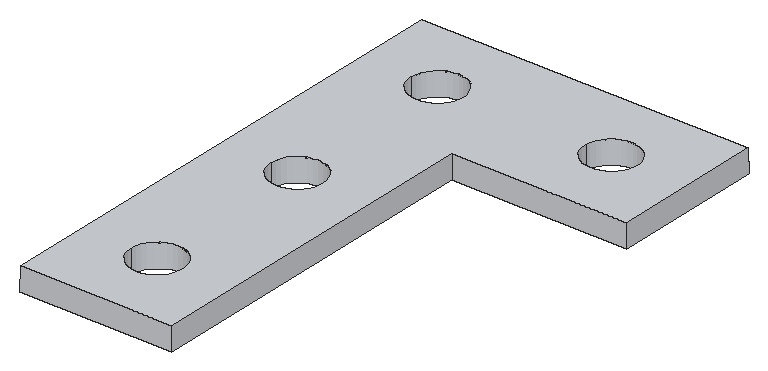
Revit family "Fitting-Flat_Plate-Unistrut-P1380A", category Specialty Equipment, Revit 2012
Parameters (values of type "P1380A")
  ecoScorecard_data = "http://products.ecoscorecard.com/atkore/P1380A"
  ecoScorecard Product Page = "http://products.ecoscorecard.com/atkore/P1380A?action=html"
  Weight Per Piece = 0.80 lbf
  Unit = none
  Unistrut Part Number = "P1380A"  # constant formula
  URL = "http://unistrut.us/index.php"
  Thickness = 0' - 0 1/4"  # constant formula
  Subcategory = "Flat Plate Fittings"  # constant formula
  Product Page URL = "http://unistrut.us/index.php?WP=cat_detail&S=S05&P=P1380A"
  Power Strut Part Number = "PS 719"  # constant formula
  Part Type = "Fitting"  # constant formula
  Overall Width = 0' - 5 3/8"  # constant formula
  Overall Length = 0' - 3 1/2"  # constant formula
  Model = "P1380A"  # constant formula
  Material = ""
  Manufacturer Phone - Toll Free = "800-882-5543"  # constant formula
  Manufacturer Phone = "708-339-1610"  # constant formula
  Manufacturer Fax = "708-339-7814"  # constant formula
  Manufacturer Email = "mailto:jshaw@atkore.com"
  Manufacturer Address = "16100 South Lathrop Avenue, Harvey, IL 60426"  # constant formula
  Manufacturer = "Unistrut by Atkore International"  # constant formula
  Load Capacity Note = "Visit the product page for load application and capacity."  # constant formula
  Literature URL = "http://unistrut.us/index.php?WP=LItLibrary"
  Hole Diameter = 0' - 0 9/16"
  Cost Info = "mailto:jshaw@atkore.com"
  CAD URL = "http://unistrut.us/index.php?WP=CAD3d"
  Assembly Code = "D5020100"
  95 CSI = "16070"  # constant formula
  04 CSI = "26 05 48"  # constant formula
Reference planes (in)
  plane 1 "Center (Front/Back)": y = 0
  plane 2: z = 0
  plane 3 "Center (Left/Right)": x = 0
  plane 4: y = 2.6875
  plane 5: y = -2.6875
  plane 6: x = -1.75
  plane 7: x = 1.75
  plane 8: z = 0.25
  plane 9: x = 0.93339
  plane 10: y = -1.875
  plane 11: y = 1.87704
Dimensions and locks (in)
  equal spacing: plane 6, plane 3 "Center (Left/Right)", plane 7
  "Overall Length": plane 6 to plane 7
  equal spacing: plane 4, plane 1 "Center (Front/Back)", plane 5
  "Overall Width": plane 4 to plane 5
  "Thickness": plane 8 to plane 2
  aligned and locked: level to plane 2
  aligned and locked: plane 3 "Center (Left/Right)" to nested 1
  aligned and locked: plane 1 "Center (Front/Back)" to nested 1
Nested families (in)
  nested 1: "1380A" at (0, 0, 0), type "1380A"
Definition of nested family "1380A"
  Parameters (values of type "P1380 A")
    Width = 0' - 5 3/8"
    Unit = none
    Thickness = 0' - 0 1/4"
    Radiuis = Diameter / 2  # 0' - 0 9/32"
    Length = 0' - 3 1/2"
    Diameter = 0' - 0 9/16"
  Reference planes (in)
    plane 1 "Center (Front/Back)": y = 0
    plane 2: z = 0
    plane 3 "Center (Left/Right)": x = 0
    plane 4: y = 2.6875
    plane 5: y = -2.6875
    plane 6: x = -1.75
    plane 7: x = 1.75
    plane 8: z = 0.25
    plane 9: y = 1.0625
    plane 10: x = -0.125
  Forms (in)
    Extrusion 1, solid, material <- "Unit"
      sketch origin (0, 0, 0) x (1, 0, 0) y (0, 1, 0)
        loop
          line (-1.75, 2.6875) -> (-1.75, -2.6875) -> (-0.125, -2.6875) -> (-0.125, 1.0625) -> (1.75, 1.0625) -> (1.75, 2.6875) -> (-1.75, 2.6875)
        loop
          circle (-0.93339, 1.87704) r 0.28125
        loop
          circle (0.93339, 1.87704) r 0.28125
        loop
          circle (-0.93339, 0) r 0.28125
        loop
          circle (-0.93339, -1.875) r 0.28125
      from 0 to 0.25
  Dimensions and locks (in)
    equal spacing: plane 6, plane 3 "Center (Left/Right)", plane 7
    "Length": plane 6 to plane 7
    equal spacing: plane 4, plane 1 "Center (Front/Back)", plane 5
    "Width": plane 4 to plane 5
    "Thickness": plane 8 to plane 2
    locked: plane 9 to plane 4 at 1.625
    locked: plane 10 to plane 3 "Center (Left/Right)" at 0.125
    locked: plane 6 to Extrusion 1 sketch curve at 0.81661  (x3)
    locked: plane 4 to Extrusion 1 sketch curve at 0.81046  (x2)
    locked: Extrusion 1 sketch curve to plane 7 at 0.81661
    locked: plane 5 to Extrusion 1 sketch curve at 0.8125
    "Radiuis": radius of Extrusion 1 sketch curve  (x4)
    aligned and locked: level to plane 2
    aligned and locked: plane 7 to Extrusion 1 sketch curve
    aligned and locked: Extrusion 1 sketch curve to plane 9
    aligned and locked: Extrusion 1 sketch curve to plane 10
    aligned and locked: plane 5 to Extrusion 1 sketch curve
    aligned and locked: Extrusion 1 sketch curve to plane 6
    aligned and locked: plane 1 "Center (Front/Back)" to Extrusion 1 sketch curve
    aligned and locked: Extrusion 1 to plane 2
    aligned and locked: plane 8 to Extrusion 1
  Automatic sketch dimensions
    Extrusion 1 sketch curve to plane 4 = 0' - 0"
